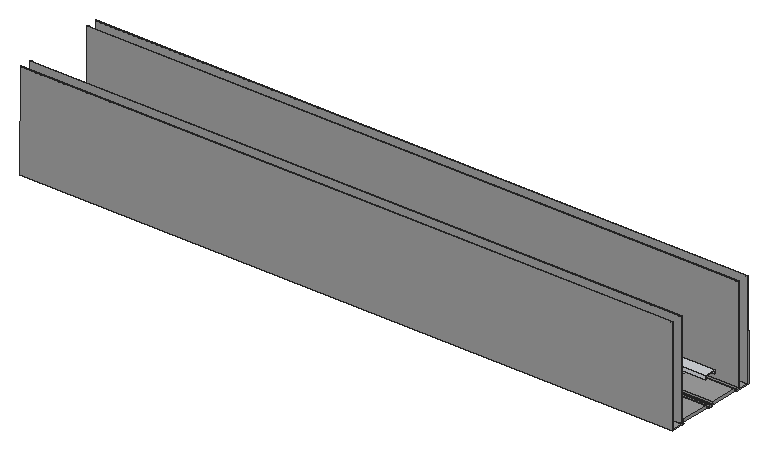
Revit family "Partition-4and1_Panels_High-Skyfold_Zenith_Premium-7-7_to_10-0_FC_2310_to_3050", category Generic Models, host Ceiling, Revit 2026 (continued)
Definition of nested family "2D Fold Panels"
  Definition of nested family "2D Ext Panels"
    Lines and regions (in)
      detail lines, in view "Ref. Level"
        curve 24: line (-8.29775, 5.22448, 0) -> (-8.29775, 4.87447, 0)
        curve 25: line (-9.0932, 5.22448, 0) -> (-8.29775, 5.22448, 0)
        curve 26: line (-8.29775, 4.87447, 0) -> (-8.34196, 4.87447, 0)
        curve 27: line (-8.31188, 6.74948, 0) -> (-8.31188, 6.49947, 0)
        curve 28: line (-8.71812, 6.74948, 0) -> (-8.31188, 6.74948, 0)
        curve 29: line (-7.81389, 6.78348, 0) -> (-8.71812, 6.78348, 0)
        curve 30: line (-7.81389, 7.24947, 0) -> (-7.81389, 6.78348, 0)
        curve 31: line (-8.34188, 7.24947, 0) -> (-8.34188, 8.0926, 0)
        curve 32: line (-8.34188, 8.0926, 0) -> (-7.685, 8.74947, 0)
        curve 33: line (-8.71812, 6.78348, 0) -> (-8.71812, 6.74948, 0)
        curve 34: line (-7.81389, 7.24947, 0) -> (-8.34188, 7.24947, 0)
        curve 35: line (-7.68509, 8.87447, 0) -> (-8.34196, 9.53135, 0)
        curve 36: line (-8.34196, 9.53135, 0) -> (-8.34196, 10.37447, 0)
        curve 37: line (-8.29775, 10.72448, 0) -> (-8.29775, 10.37447, 0)
        curve 38: line (-8.68696, 11.12447, 0) -> (-8.68696, 10.74948, 0)
        curve 39: line (-8.68696, 10.74948, 0) -> (-9.0932, 10.74948, 0)
        curve 40: line (-9.0932, 10.72448, 0) -> (-8.29775, 10.72448, 0)
        curve 41: line (-8.29775, 10.37447, 0) -> (-8.34196, 10.37447, 0)
        curve 42: line (-9.0932, 10.74948, 0) -> (-9.0932, 10.71749, 0)
        curve 43: line (-9.56166, 11.9993, 0) -> (-3.15164, 11.9993, 0)
        curve 44: line (-9.49933, 14.24947, 0) -> (-3.15164, 14.24947, 0)
        curve 45: line (-10.49, 12.28147, 0) -> (-10.49, 12.24947, 0)
        curve 46: line (-9.4595, 12.74945, 0) -> (-9.49933, 12.74945, 0)
        curve 47: line (-9.56166, 12.24947, 0) -> (-9.56166, 11.9993, 0)
        curve 48: line (-9.4595, 12.74945, 0) -> (-9.4595, 12.28147, 0)
        curve 49: line (-9.49933, 12.74945, 0) -> (-9.49933, 14.24947, 0)
        curve 50: line (-10.49, 12.24947, 0) -> (-9.56166, 12.24947, 0)
        curve 51: line (-9.4595, 12.28147, 0) -> (-10.49, 12.28147, 0)
  Definition of nested family "2D Int Panels"
    Parameters (values of type "Panels")
      Assembly Code = ""
    Reference planes (in)
      plane 1 "Center (Front/Back)": y = 0
      plane 2: z = 0
      plane 3 "Center (Left/Right)": x = -12.78401
      plane 4: y = 6.48506
    Lines and regions (in)
      model lines, in view "Ref. Level"
        curve 1: arc (-16.31127, 0.06825, 0) -> (-16.00868, 0.15463, 0) -> (-15.87083, 0.4375, 0) r 0.38616
        curve 2: arc (-15.87083, 0.4375, 0) -> (-15.99302, 0.72219, 0) -> (-16.29015, 0.80987, 0) r 0.36427
        curve 3: line (-26.32421, 0, 0) -> (-17.87083, 0, 0)
        curve 4: line (-17.87083, 0, 0) -> (-17.87083, 0.28314, 0)
        curve 5: line (-17.87083, 0.28314, 0) -> (-16.31127, 0.06825, 0)
        curve 6: line (-16.29015, 0.80987, 0) -> (-17.26708, 0.66529, 0)
        curve 7: line (-17.26708, 0.66529, 0) -> (-17.87083, 0.62287, 0)
        curve 8: line (-17.87083, 0.62287, 0) -> (-17.87083, 0.75, 0)
        curve 9: line (-17.87083, 0.75, 0) -> (-17.55829, 0.75, 0)
        curve 10: line (-17.55829, 0.75, 0) -> (-17.55829, 2.25, 0)
        curve 11: line (-17.55829, 2.25, 0) -> (-26.32421, 2.25, 0)
        curve 12: line (-26.32421, 5.62447, 0) -> (-18.24583, 5.62447, 0)
        curve 13: line (-18.24583, 5.62447, 0) -> (-18.24583, 5.37447, 0)
        curve 14: line (-18.24583, 5.37447, 0) -> (-18.27783, 5.37447, 0)
        curve 15: line (-18.6207, 4.87447, 0) -> (-18.6207, 3.37447, 0)
        curve 16: line (-18.6207, 3.37447, 0) -> (-26.32421, 3.37447, 0)
        curve 17: line (-26.32421, 8.74947, 0) -> (-17.5582, 8.74947, 0)
        curve 18: line (-17.5582, 8.74947, 0) -> (-17.5582, 7.24949, 0)
        curve 19: line (-17.87053, 6.48506, 0) -> (-26.32421, 6.48506, 0)
        curve 20: line (-26.32421, 11.12447, 0) -> (-18.26146, 11.12447, 0)
        curve 21: line (-18.77774, 11.07456, 0) -> (-18.77774, 10.36006, 0)
        curve 22: line (-18.77774, 10.36006, 0) -> (-18.6207, 10.36006, 0)
        curve 23: line (-18.6207, 10.36006, 0) -> (-18.6207, 8.87447, 0)
        curve 24: line (-18.6207, 8.87447, 0) -> (-26.32421, 8.87447, 0)
      detail lines, in view "Ref. Level"
        curve 25: line (-18.27783, 5.55893, 0) -> (-18.27783, 5.37447, 0)
        curve 26: line (-18.77774, 5.57456, 0) -> (-18.29346, 5.57456, 0)
        curve 27: line (-18.77774, 4.87447, 0) -> (-18.77774, 5.57456, 0)
        curve 28: line (-18.77774, 4.87447, 0) -> (-18.6207, 4.87447, 0)
        curve 29: line (-17.87083, 0.25009, 0) -> (-17.87083, 0, 0)
        curve 30: line (-17.90283, 0.25009, 0) -> (-17.87083, 0.25009, 0)
        curve 31: line (-17.90283, 0.05, 0) -> (-17.90283, 0.25009, 0)
        curve 32: line (-18.40283, 0.05, 0) -> (-17.90283, 0.05, 0)
        curve 33: line (-18.40283, 0.75, 0) -> (-18.40283, 0.05, 0)
        curve 34: line (-18.40283, 0.75, 0) -> (-17.55829, 0.75, 0)
        curve 35: line (-17.87053, 6.49947, 0) -> (-17.87053, 6.74949, 0)
        curve 36: line (-17.87053, 6.74949, 0) -> (-17.07053, 6.74949, 0)
        curve 37: line (-17.07053, 6.74949, 0) -> (-17.07053, 6.78149, 0)
        curve 38: line (-17.07053, 6.78149, 0) -> (-18.10103, 6.78149, 0)
        curve 39: line (-18.10103, 6.78149, 0) -> (-18.10103, 7.24949, 0)
        curve 40: line (-18.10103, 7.24949, 0) -> (-17.5582, 7.24949, 0)
        curve 41: line (-18.24583, 10.87447, 0) -> (-18.24583, 11.10885, 0)
        curve 42: line (-18.27783, 10.87447, 0) -> (-18.24583, 10.87447, 0)
        curve 43: line (-18.27783, 11.05893, 0) -> (-18.27783, 10.87447, 0)
        curve 44: line (-18.77774, 11.07456, 0) -> (-18.29346, 11.07456, 0)
        curve 45: line (-20.65244, 12.74947, 0) -> (-17.4332, 12.74947, 0)
        curve 46: line (-20.65244, 12.74947, 0) -> (-17.4332, 12.74947, 0)
        curve 47: line (-20.15244, 12.24947, 0) -> (-20.12044, 12.24947, 0)
        curve 48: line (-20.12044, 11.9993, 0) -> (-20.12044, 12.24947, 0)
        curve 49: line (-20.15244, 12.24947, 0) -> (-20.15244, 12.04938, 0)
        curve 50: line (-20.65244, 12.04938, 0) -> (-20.65244, 12.74947, 0)
        curve 51: line (-17.4332, 13.68697, 0) -> (-17.4332, 12.74947, 0)
        curve 52: line (-18.23273, 13.68697, 0) -> (-17.4332, 13.68697, 0)
        curve 53: line (-18.86038, 14.24947, 0) -> (-18.23273, 13.68697, 0)
        curve 54: line (-26.32421, 11.9993, 0) -> (-20.12044, 11.9993, 0)
        curve 55: line (-26.32421, 14.24947, 0) -> (-18.86038, 14.24947, 0)
Definition of nested family "2D Unfold Panels"
  Parameters (values of type "Unfold panels")
    Wall thickness = 0' - 11 3/4"
    Total Panel Height = (Panel height * 4) + 0' 1 1/2"  # 8' - 11 1/2"
    Panel height = 2' - 2 1/2"
    Horizontal Panel Length = Panel height - 0' 1"  # 2' - 1 1/2"
    Height Distance Between  Panels = Panel height + 0' 0 1/2"  # 2' - 3"
    Assembly Code = ""
  Reference planes (in)
    plane 1: z = 0
    plane 2 "Center (Left/Right)": x = 0.69511
    plane 3: y = 65.84375
    plane 4: y = 38.84375
    plane 5: y = 11.84375
    plane 6: y = -14.65625
    plane 7: y = 92.84375
    plane 8: x = -5.17989
    plane 9: x = 6.57011
    plane 10: y = 93.71875
    plane 11: x = 6.29128
    plane 12: x = -4.90072
    plane 13: x = 31.79128
    plane 14: x = -30.40072
  Lines and regions (in)
    detail lines, in view "Ref. Level"
      curve 1: line (-5.17989, 90.19109, 0) -> (-5.17989, 69.65819, 0)
      curve 2: line (-2.92978, 90.19109, 0) -> (-2.92978, 69.65819, 0)
      curve 3: line (-5.17989, 62.80864, 0) -> (-5.17989, 41.15819, 0)
      curve 4: line (-2.92978, 62.84294, 0) -> (-2.92978, 41.15819, 0)
      curve 5: line (4.31999, 41.15819, 0) -> (4.31999, 62.80864, 0)
      curve 6: line (6.57011, 62.80864, 0) -> (6.57011, 41.15819, 0)
      curve 7: line (-2.92978, 36.07161, 0) -> (-2.92978, 14.04973, 0)
      curve 8: line (-5.17989, 14.04973, 0) -> (-5.17989, 36.07161, 0)
      curve 9: line (-5.17989, 8.80864, 0) -> (-5.17989, -12.34181, 0)
      curve 10: line (-2.92978, 8.80864, 0) -> (-2.92978, -12.34181, 0)
      curve 11: line (6.57011, 90.19109, 0) -> (6.57011, 69.65819, 0)
      curve 12: line (4.31999, 90.19109, 0) -> (4.31999, 69.65819, 0)
      curve 13: line (6.57011, 8.80864, 0) -> (6.57011, -12.34181, 0)
      curve 14: line (4.31999, 8.80864, 0) -> (4.31999, -12.34181, 0)
      curve 15: line (4.31999, 36.07161, 0) -> (4.31999, 14.04973, 0)
      curve 16: line (6.57011, 14.04973, 0) -> (6.57011, 36.07161, 0)
      curve 17: line (9.63119, 93.71875, 0) -> (29.48894, 93.71875, 0)
      curve 18: line (9.63119, 95.96886, 0) -> (29.69369, 95.96886, 0)
      curve 19: line (-8.24097, 93.71875, 0) -> (-27.84249, 93.71875, 0)
      curve 20: line (-8.24097, 95.96886, 0) -> (-28.04724, 95.96886, 0)
  Dimensions and locks (in)
    "Wall thickness": plane 8 to plane 9
    equal spacing: plane 8, plane 2 "Center (Left/Right)", plane 9
    "Panel height": plane 6 to plane 5
    "Height Distance Between  Panels": plane 7 to plane 3
    "Height Distance Between  Panels": plane 4 to plane 3
    "Height Distance Between  Panels": plane 5 to plane 4
    plane 11 to plane 9 = 0' - 0.27882"
    plane 8 to plane 12 = 0' - 0.27918"
    "Horizontal Panel Length": plane 14 to plane 12
    "Horizontal Panel Length": plane 11 to plane 13
    aligned and locked: plane 2 "Center (Left/Right)" to nested 1
    aligned and locked: plane 2 "Center (Left/Right)" to nested 2
    aligned and locked: plane 2 "Center (Left/Right)" to nested 3
    aligned and locked: plane 2 "Center (Left/Right)" to nested 4
    aligned: plane 4 to nested 3
    aligned: plane 5 to nested 2
    aligned: plane 6 to nested 5
    aligned: nested 2 to plane 5
    aligned: nested 3 to plane 4
    aligned and locked: nested 5 to plane 5
    aligned and locked: nested 3 to plane 3
    aligned and locked: curve 10 to nested 5
    aligned and locked: nested 5 to curve 9
    aligned and locked: curve 8 to nested 2
    aligned and locked: curve 7 to nested 2
    aligned and locked: nested 3 to curve 4
    aligned and locked: curve 5 to curve 3
    aligned and locked: curve 1 to plane 8
    aligned and locked: plane 2 "Center (Left/Right)" to nested 5
    aligned and locked: curve 3 to plane 8
    aligned and locked: curve 4 to nested 3
    aligned and locked: curve 6 to plane 9
    aligned and locked: plane 7 to nested 4
    aligned and locked: plane 6 to nested 1
    aligned and locked: nested 2 to plane 4
    aligned and locked: plane 11 to nested 6
    aligned and locked: plane 10 to nested 6
    aligned and locked: nested 7 to plane 10
    aligned and locked: plane 13 to nested 7
    aligned and locked: curve 17 to nested 7
    aligned and locked: curve 18 to nested 7
    aligned and locked: plane 12 to nested 8
    aligned and locked: plane 14 to nested 9
    aligned and locked: plane 10 to nested 8
    aligned and locked: nested 8 to curve 19
    aligned and locked: curve 20 to nested 9
  Automatic sketch dimensions
    curve 13 to plane 9 = 0' - 0"
    curve 16 to plane 9 = 0' - 0"
    curve 6 to plane 9 = 0' - 0"
    curve 11 to plane 9 = 0' - 0"
    curve 19 to plane 8 = 0' - 3.06108"
    curve 20 to curve 19 = 0' - 0"
    plane 14 to curve 19 = 0' - 2.55823"
    curve 20 to curve 19 = 0' - 0.20475"
    plane 12 to curve 2 = 0' - 1.97094"
    curve 5 to plane 11 = 0' - 1.97129"
    curve 12 to plane 11 = 0' - 1.97129"
    curve 15 to plane 11 = 0' - 1.97129"
    curve 14 to plane 11 = 0' - 1.97129"
    plane 9 to curve 17 = 0' - 3.06108"
    curve 18 to curve 17 = 0' - 0"
    curve 17 to plane 13 = 0' - 2.30235"
    curve 18 to plane 13 = 0' - 2.0976"
    plane 3 to curve 6 = 0' - 3.03511"
    curve 5 to curve 6 = 0' - 0"  (x2)
    curve 5 to plane 4 = 0' - 2.31444"
    curve 4 to plane 4 = 0' - 2.31444"
    curve 3 to curve 4 = 0' - 0"
    plane 4 to curve 8 = 0' - 2.77214"
    plane 4 to curve 15 = 0' - 2.77214"
    curve 15 to curve 16 = 0' - 0"
    curve 8 to curve 7 = 0' - 0"
    curve 8 to plane 5 = 0' - 2.20598"
    curve 7 to plane 5 = 0' - 2.20598"
    curve 16 to plane 5 = 0' - 2.20598"
    curve 15 to plane 5 = 0' - 2.20598"
    plane 5 to curve 13 = 0' - 3.03511"
    plane 5 to curve 9 = 0' - 3.03511"
    curve 9 to curve 10 = 0' - 0"  (x2)
    curve 14 to curve 13 = 0' - 0"  (x2)
    curve 13 to plane 6 = 0' - 2.31444"
    curve 10 to plane 6 = 0' - 2.31444"
    curve 1 to plane 3 = 0' - 3.81444"
    curve 1 to curve 2 = 0' - 0"  (x2)
    curve 11 to plane 3 = 0' - 3.81444"
    curve 12 to curve 11 = 0' - 0"  (x2)
    curve 2 to plane 7 = 0' - 2.65266"
    curve 11 to plane 7 = 0' - 2.65266"
  Nested families (in)
    nested 1: "vert fin bas" at (0.87658, -10.38143, 0), type "vert fin bas", in view "Ref. Level"
    nested 2: "vert levres" at (0.81369, 35.6541, 0), type "vert levres", in view "Ref. Level"
      with Wall thickness 0' - 11 3/4"
    nested 3: "vert biseau" at (-2.10712, 62.84294, 0), type "vert biseau", in view "Ref. Level"
    nested 4: "vert fin haut" at (1.9037, 88.56893, 0), type "vert fin haut", in view "Ref. Level"
    nested 5: "vert biseau" at (-2.10712, 8.84294, 0), type "vert biseau", in view "Ref. Level"
    nested 6: "Horizontal panel Start" at (6.47276, 93.71875, 0), type "Horizontal panel Start", in view "Ref. Level"
    nested 7: "Horizontal panel End" at (31.97276, 93.71875, 0), type "Horizontal panel End", in view "Ref. Level"
    nested 8: "Horizontal panel Start" at (-5.08219, 93.71875, 0) x (-1, 0, 0) z (0, 0, 1), type "Horizontal panel Start", in view "Ref. Level"
    nested 9: "Horizontal panel End" at (-30.58219, 93.71875, 0) x (-1, 0, 0) z (0, 0, 1), type "Horizontal panel End", in view "Ref. Level"
  Definition of nested family "vert fin bas"
    Parameters
      Wall thickness = 0' - 11 3/4"
      Assembly Code = ""
    Reference planes (in)
      plane 1 "Center (Front/Back)": y = 0
      plane 2: z = 0
      plane 3 "Center (Left/Right)": x = -0.18147
      plane 4: x = -6.05647
      plane 5: x = 5.69353
    Lines and regions (in)
      model lines, in view "Ref. Level"
        curve 1: arc (-6.04661, -5.84526, 0) -> (-5.61693, -6.27494, 0) -> (-5.18725, -5.84526, 0) r 0.42968
        curve 2: line (-6.05647, 0.00284, 0) -> (-6.05647, -4.27482, 0)
        curve 3: line (-6.05647, -4.27482, 0) -> (-5.80646, -4.27482, 0)
        curve 4: line (-5.80646, -4.27482, 0) -> (-6.04661, -5.84526, 0)
        curve 5: line (-5.18725, -5.84526, 0) -> (-5.4363, -4.24357, 0)
        curve 6: line (-5.4363, -4.24357, 0) -> (-4.82716, -4.24357, 0)
        curve 7: line (-4.82716, -4.24357, 0) -> (-3.80636, -3.22277, 0)
        curve 8: line (-3.80636, -3.22277, 0) -> (-3.80636, 0.00284, 0)
        curve 9: arc (0.31854, -6.01609, 0) -> (0.67056, -5.87118, 0) -> (0.81855, -5.52045, 0) r 0.50003
        curve 10: arc (0.81855, -5.52045, 0) -> (0.80449, -5.43168, 0) -> (0.75606, -5.35598, 0) r 0.21963
        curve 11: arc (-1.11903, -5.35598, 0) -> (-1.16746, -5.43168, 0) -> (-1.18152, -5.52045, 0) r 0.21963
        curve 12: arc (-1.18152, -5.52045, 0) -> (-1.03353, -5.87118, 0) -> (-0.68151, -6.01609, 0) r 0.50003
        curve 13: arc (-0.4315, -4.98096, 0) -> (-0.3431, -4.94435, 0) -> (-0.30649, -4.85595, 0) r 0.12501
        curve 14: arc (-0.05648, -4.85595, 0) -> (-0.01987, -4.94435, 0) -> (0.06853, -4.98096, 0) r 0.12501
        curve 15: arc (-1.18153, -4.85595, 0) -> (-1.26993, -4.89257, 0) -> (-1.30654, -4.98096, 0) r 0.12501
        curve 16: arc (-1.30654, -5.51606, 0) -> (-1.12347, -5.95803, 0) -> (-0.68151, -6.14109, 0) r 0.62503
        curve 17: arc (0.31854, -6.14109, 0) -> (0.7605, -5.95803, 0) -> (0.94357, -5.51606, 0) r 0.62503
        curve 18: arc (0.94357, -4.98096, 0) -> (0.90696, -4.89257, 0) -> (0.81857, -4.85595, 0) r 0.12501
        curve 19: line (-0.68151, -6.01609, 0) -> (0.31854, -6.01609, 0)
        curve 20: line (0.75606, -5.35598, 0) -> (-1.11903, -5.35598, 0)
        curve 21: line (0.06853, -4.98096, 0) -> (0.81857, -4.98096, 0)
        curve 22: line (0.81857, -4.98096, 0) -> (0.81857, -5.23097, 0)
        curve 23: line (0.81857, -5.23097, 0) -> (-1.18153, -5.23097, 0)
        curve 24: line (-1.18153, -5.23097, 0) -> (-1.18153, -4.98096, 0)
        curve 25: line (-1.18153, -4.98096, 0) -> (-0.4315, -4.98096, 0)
        curve 26: line (-0.30649, -4.85595, 0) -> (-0.30649, -3.23087, 0)
        curve 27: line (-0.30649, -3.23087, 0) -> (-0.05648, -3.23087, 0)
        curve 28: line (-0.05648, -3.23087, 0) -> (-0.05648, -4.85595, 0)
        curve 29: line (-0.93152, -4.98096, 0) -> (-0.93152, -4.85595, 0)
        curve 30: line (-0.93152, -4.85595, 0) -> (-1.18153, -4.85595, 0)
        curve 31: line (-1.30654, -4.98096, 0) -> (-1.30654, -5.51606, 0)
        curve 32: line (-0.68151, -6.14109, 0) -> (0.31854, -6.14109, 0)
        curve 33: line (0.94357, -5.51606, 0) -> (0.94357, -4.98096, 0)
        curve 34: line (0.81857, -4.85595, 0) -> (0.56855, -4.85595, 0)
        curve 35: line (0.56855, -4.85595, 0) -> (0.56855, -4.98096, 0)
      detail lines, in view "Ref. Level"
        curve 36: arc (5.68367, -5.84526, 0) -> (5.25399, -6.27494, 0) -> (4.8243, -5.84526, 0) r 0.42968
        curve 37: line (5.69353, 0.00284, 0) -> (5.69353, -4.27482, 0)
        curve 38: line (5.69353, -4.27482, 0) -> (5.44351, -4.27482, 0)
        curve 39: line (5.44351, -4.27482, 0) -> (5.68367, -5.84526, 0)
        curve 40: line (4.8243, -5.84526, 0) -> (5.07336, -4.24357, 0)
        curve 41: line (5.07336, -4.24357, 0) -> (4.46422, -4.24357, 0)
        curve 42: line (4.46422, -4.24357, 0) -> (3.44341, -3.22277, 0)
        curve 43: line (3.44341, -3.22277, 0) -> (3.44341, 0.00284, 0)
    Dimensions and locks (in)
      equal spacing: plane 4, plane 3 "Center (Left/Right)", plane 5
      "Wall thickness": plane 4 to plane 5
    Automatic sketch dimensions
      curve 9 to curve 17 = 0' - 0"  (x2)
      curve 12 to curve 16 = 0' - 0"  (x2)
      curve 2 to plane 4 = 0' - 0"
      curve 37 to plane 5 = 0' - 0"
      plane 4 to curve 4 = 0' - 0.00986"
      curve 2 to curve 4 = 0' - 0 1/4"
      curve 1 to curve 1 = 0' - 0 55/128"
      curve 3 to curve 5 = 0' - 0.37016"
      curve 5 to curve 6 = 0' - 0.60914"
      curve 6 to curve 8 = 0' - 1.0208"
      curve 31 to plane 3 "Center (Left/Right)" = 0' - 1.12507"
      curve 15 to curve 24 = 0' - 0 1/8"
      curve 15 to curve 24 = 0' - 0"  (x2)
      curve 31 to curve 11 = 0' - 0.12503"
      curve 23 to curve 20 = 0' - 0 1/16"
      curve 20 to curve 11 = 0' - 0.15689"
      curve 24 to curve 29 = 0' - 0 1/4"
      curve 12 to plane 3 "Center (Left/Right)" = 0' - 0.50004"
      curve 13 to plane 3 "Center (Left/Right)" = 0' - 0.25002"
      curve 26 to plane 3 "Center (Left/Right)" = 0' - 0 1/8"
      plane 3 "Center (Left/Right)" to curve 28 = 0' - 0 1/8"
      curve 14 to curve 21 = 0' - 0 1/8"
      plane 3 "Center (Left/Right)" to curve 32 = 0' - 0 1/2"
      curve 14 to curve 34 = 0' - 0.50002"
      curve 9 to curve 10 = 0' - 0.28063"
      curve 10 to curve 20 = 0' - 0.15689"
      curve 20 to curve 10 = 0' - 0 1/16"
      curve 35 to curve 21 = 0' - 0 1/4"
      curve 18 to curve 21 = 0' - 0"
      curve 9 to curve 17 = 0' - 0.12503"
      curve 43 to plane 5 = 0' - 2.25011"
      curve 42 to plane 5 = 0' - 1.22931"
      curve 40 to plane 5 = 0' - 0.86922"
      curve 41 to curve 40 = 0' - 0.60914"
      curve 36 to curve 36 = 0' - 0 55/128"
      curve 38 to plane 5 = 0' - 0 1/4"
      plane 1 "Center (Front/Back)" to curve 32 = 0' - 6.14109"
      curve 16 to curve 19 = 0' - 0 1/8"
      curve 36 to curve 33 = 0' - 0.3292"
      curve 5 to curve 16 = 0' - 0.3292"
      curve 11 to curve 11 = 0' - 0.01076"
      curve 10 to curve 23 = 0' - 0 1/8"
      curve 22 to curve 33 = 0' - 0 1/4"
      curve 12 to curve 25 = 0' - 0.5351"
      curve 14 to curve 13 = 0' - 0 1/8"
      curve 1 to curve 3 = 0' - 1.57044"
      curve 36 to curve 39 = 0' - 1.57044"
      curve 38 to curve 42 = 0' - 0 1/32"
      curve 3 to curve 7 = 0' - 0 1/32"
      curve 13 to curve 26 = 0' - 1.62508"
      curve 41 to curve 42 = 0' - 1.0208"
      curve 6 to curve 7 = 0' - 1.0208"
      curve 8 to plane 1 "Center (Front/Back)" = 0' - 0.00284"
      curve 37 to plane 1 "Center (Front/Back)" = 0' - 0.00284"
      curve 2 to plane 1 "Center (Front/Back)" = 0' - 0.00284"
      curve 43 to plane 1 "Center (Front/Back)" = 0' - 0.00284"
  Definition of nested family "vert levres"
    Parameters
      Wall thickness = 1' - 0.49535"
      Assembly Code = ""
    Reference planes (in)
      plane 1 "Center (Front/Back)": y = 0
      plane 2: z = 0
      plane 3 "Center (Left/Right)": x = -0.11858
      plane 4: x = -6.36626
      plane 5: x = 6.12909
    Lines and regions (in)
      model lines, in view "Ref. Level"
        curve 1: line (-6.11624, 3.18965, 0) -> (-6.11624, 2.67162, 0)
        curve 2: line (-6.11624, 2.67162, 0) -> (-6.11624, 3.18965, 0)
        curve 3: line (-6.11624, 3.18965, 0) -> (-6.36626, 3.18965, 0)
        curve 4: line (-6.36626, 3.18965, 0) -> (-6.36626, -0.10051, 0)
        curve 5: line (-6.36626, 6.75409, 0) -> (-6.36626, 3.68967, 0)
        curve 6: line (-6.36626, 3.68967, 0) -> (-4.11614, 3.68967, 0)
        curve 7: line (-4.11614, 3.68967, 0) -> (-4.11614, 6.75409, 0)
        curve 8: line (-4.11614, -0.10051, 0) -> (-4.11614, 2.67162, 0)
        curve 9: line (-4.11614, 2.67162, 0) -> (-6.11624, 2.67162, 0)
      detail lines, in view "Ref. Level"
        curve 10: line (5.87908, 3.18965, 0) -> (5.87908, 2.67162, 0)
        curve 11: line (5.87908, 2.67162, 0) -> (5.87908, 3.18965, 0)
        curve 12: line (5.87908, 3.18965, 0) -> (6.12909, 3.18965, 0)
        curve 13: line (6.12909, 3.18965, 0) -> (6.12909, -0.10051, 0)
        curve 14: line (6.12909, 6.75409, 0) -> (6.12909, 3.68967, 0)
        curve 15: line (6.12909, 3.68967, 0) -> (3.87898, 3.68967, 0)
        curve 16: line (3.87898, 3.68967, 0) -> (3.87898, 6.75409, 0)
        curve 17: line (3.87898, -0.10051, 0) -> (3.87898, 2.67162, 0)
        curve 18: line (3.87898, 2.67162, 0) -> (5.87908, 2.67162, 0)
    Dimensions and locks (in)
      equal spacing: plane 4, plane 3 "Center (Left/Right)", plane 5
      "Wall thickness": plane 4 to plane 5
    Automatic sketch dimensions
      curve 5 to plane 4 = 0' - 0"
      curve 4 to plane 4 = 0' - 0"
      curve 14 to plane 5 = 0' - 0"
      curve 13 to plane 5 = 0' - 0"
      plane 4 to curve 2 = 0' - 0 1/4"
      plane 4 to curve 7 = 0' - 2.25011"
      plane 1 "Center (Front/Back)" to curve 8 = 0' - 0.10051"
      curve 4 to curve 8 = 0' - 2.25011"
      curve 18 to plane 5 = 0' - 2.25011"
      curve 16 to curve 17 = 0' - 0"
      curve 11 to curve 12 = 0' - 0 1/4"
      plane 1 "Center (Front/Back)" to curve 4 = 0' - 0.10051"
      plane 1 "Center (Front/Back)" to curve 13 = 0' - 0.10051"
      plane 1 "Center (Front/Back)" to curve 17 = 0' - 0.10051"
      curve 9 to plane 1 "Center (Front/Back)" = 0' - 2.67162"
      curve 10 to plane 1 "Center (Front/Back)" = 0' - 2.67162"
      curve 1 to curve 4 = 0' - 0.51803"
      curve 10 to curve 10 = 0' - 0.51803"
      curve 8 to curve 7 = 0' - 1.01805"
      curve 12 to curve 14 = 0' - 0.50002"
      curve 14 to curve 14 = 0' - 3.06441"
      curve 5 to curve 5 = 0' - 3.06441"
      curve 5 to curve 7 = 0' - 0"
      curve 16 to curve 14 = 0' - 0"
  Definition of nested family "vert biseau"
    Parameters (values of type "vert biseau")
      Wall thickness = 0' - 11 3/4"
      Assembly Code = ""
    Reference planes (in)
      plane 1 "Center (Front/Back)": y = 0
      plane 2: z = 0
      plane 3 "Center (Left/Right)": x = 2.80223
      plane 4: x = -3.07277
      plane 5: x = 8.67723
    Lines and regions (in)
      model lines, in view "Ref. Level"
        curve 1: line (-0.82266, -0.0343, 0) -> (-0.82266, 2.19877, 0)
        curve 2: line (-0.82266, 2.19877, 0) -> (-1.6247, 3.00081, 0)
        curve 3: line (-1.6247, 3.00081, 0) -> (-3.07277, 3.00081, 0)
        curve 4: line (-3.07277, 3.00081, 0) -> (-3.07277, -0.0343, 0)
      detail lines, in view "Ref. Level"
        curve 5: line (6.42711, -0.0343, 0) -> (6.42711, 2.19877, 0)
        curve 6: line (6.42711, 2.19877, 0) -> (7.22915, 3.00081, 0)
        curve 7: line (7.22915, 3.00081, 0) -> (8.67723, 3.00081, 0)
        curve 8: line (8.67723, 3.00081, 0) -> (8.67723, -0.0343, 0)
        curve 9: line (8.67723, 7.20679, 0) -> (8.67723, 3.50083, 0)
        curve 10: line (7.08354, 3.84583, 0) -> (6.42711, 4.50226, 0)
        curve 11: line (6.42711, 4.50226, 0) -> (6.42711, 7.20679, 0)
        curve 12: line (7.92736, 3.84583, 0) -> (7.08354, 3.84583, 0)
        curve 13: line (8.62738, 4.03275, 0) -> (7.92736, 4.03275, 0)
        curve 14: line (8.62738, 3.53283, 0) -> (8.62738, 4.03275, 0)
        curve 15: line (8.42729, 3.53283, 0) -> (8.62738, 3.53283, 0)
        curve 16: line (8.67723, 3.50083, 0) -> (8.42729, 3.50083, 0)
        curve 17: line (8.42729, 3.50083, 0) -> (8.42729, 3.53283, 0)
        curve 18: line (8.67723, 3.50083, 0) -> (8.67723, 7.20679, 0)
        curve 19: line (7.92736, 3.84583, 0) -> (7.92736, 4.03275, 0)
        curve 20: line (-3.07277, 7.20679, 0) -> (-3.07277, 3.50083, 0)
        curve 21: line (-1.47909, 3.84583, 0) -> (-0.82266, 4.50226, 0)
        curve 22: line (-0.82266, 4.50226, 0) -> (-0.82266, 7.20679, 0)
        curve 23: line (-2.32291, 3.84583, 0) -> (-1.47909, 3.84583, 0)
        curve 24: line (-3.02293, 4.03275, 0) -> (-2.32291, 4.03275, 0)
        curve 25: line (-3.02293, 3.53283, 0) -> (-3.02293, 4.03275, 0)
        curve 26: line (-2.82284, 3.53283, 0) -> (-3.02293, 3.53283, 0)
        curve 27: line (-3.07277, 3.50083, 0) -> (-2.82284, 3.50083, 0)
        curve 28: line (-2.82284, 3.50083, 0) -> (-2.82284, 3.53283, 0)
        curve 29: line (-3.07277, 3.50083, 0) -> (-3.07277, 7.20679, 0)
        curve 30: line (-2.32291, 3.84583, 0) -> (-2.32291, 4.03275, 0)
    Dimensions and locks (in)
      equal spacing: plane 4, plane 3 "Center (Left/Right)", plane 5
      "Wall thickness": plane 4 to plane 5
    Automatic sketch dimensions
      curve 27 to plane 4 = 0' - 0"
      curve 3 to plane 4 = 0' - 0"
      curve 7 to plane 5 = 0' - 0"
      curve 9 to plane 5 = 0' - 0"
      plane 4 to curve 25 = 0' - 0.04985"
      curve 25 to curve 28 = 0' - 0.20009"
      curve 26 to curve 23 = 0' - 0.49993"
      curve 23 to curve 3 = 0' - 0.6982"
      curve 23 to curve 21 = 0' - 0.84382"
      curve 21 to curve 21 = 0' - 0.65643"  (x2)
      curve 2 to curve 1 = 0' - 0.80204"
      curve 11 to plane 5 = 0' - 2.25011"
      curve 6 to plane 5 = 0' - 2.25011"
      curve 10 to curve 12 = 0' - 0.65643"
      curve 10 to curve 6 = 0' - 0.14561"
      curve 19 to plane 5 = 0' - 0.74987"
      curve 16 to curve 9 = 0' - 0.24994"
      curve 14 to plane 5 = 0' - 0.04985"
      curve 6 to plane 1 "Center (Front/Back)" = 0' - 2.19877"
      curve 1 to plane 1 "Center (Front/Back)" = 0' - 2.19877"
      curve 1 to curve 3 = 0' - 0.80204"
      curve 5 to curve 6 = 0' - 0.80204"
      curve 3 to curve 29 = 0' - 0.50003"
      curve 7 to curve 9 = 0' - 0.50003"
      curve 9 to curve 14 = 0' - 0.032"
      curve 27 to curve 26 = 0' - 0.032"
      curve 15 to curve 12 = 0' - 0.313"
      curve 26 to curve 30 = 0' - 0.313"
      curve 23 to curve 30 = 0' - 0.18691"
      curve 14 to curve 13 = 0' - 0.49991"
      curve 10 to curve 11 = 0' - 0.65643"
      curve 13 to curve 9 = 0' - 3.17404"
      plane 1 "Center (Front/Back)" to curve 8 = 0' - 0.0343"
      plane 1 "Center (Front/Back)" to curve 4 = 0' - 0.0343"
      plane 1 "Center (Front/Back)" to curve 5 = 0' - 0.0343"
      plane 1 "Center (Front/Back)" to curve 1 = 0' - 0.0343"
      curve 11 to curve 9 = 0' - 0"
      curve 24 to curve 20 = 0' - 3.17404"
      curve 29 to curve 20 = 0' - 0"
      curve 20 to curve 22 = 0' - 0"
  Definition of nested family "vert fin haut"
    Parameters (values of type "vert fin haut")
      Wall thickness = 0' - 11 3/4"
      Assembly Code = ""
    Reference planes (in)
      plane 1 "Center (Front/Back)": y = 0
      plane 2: z = 0
      plane 3 "Center (Left/Right)": x = -1.20859
      plane 4: x = -7.08359
      plane 5: x = 4.66641
    Lines and regions (in)
      detail lines, in view "Ref. Level"
        curve 1: line (-7.08359, -0.00284, 0) -> (-7.08359, 4.27482, 0)
        curve 2: line (4.66641, -0.00284, 0) -> (4.66641, 4.27482, 0)
        curve 3: line (4.66641, 4.27482, 0) -> (4.4164, 4.27482, 0)
        curve 4: line (2.41647, 0, 0) -> (2.41647, 3.89999, 0)
        curve 5: line (2.41647, 3.89999, 0) -> (3.91654, 3.89999, 0)
        curve 6: line (3.91654, 3.89999, 0) -> (3.91654, 3.74293, 0)
        curve 7: line (3.91654, 3.74293, 0) -> (4.64843, 3.74293, 0)
        curve 8: line (4.64843, 3.74293, 0) -> (4.64843, 4.24286, 0)
        curve 9: line (4.64843, 4.24286, 0) -> (4.44835, 4.24286, 0)
        curve 10: line (4.44835, 4.24286, 0) -> (4.44835, 4.27482, 0)
        curve 11: line (-7.08359, 4.27482, 0) -> (-6.83358, 4.27482, 0)
        curve 12: line (-4.83366, 0, 0) -> (-4.83366, 3.89999, 0)
        curve 13: line (-4.83366, 3.89999, 0) -> (-6.33372, 3.89999, 0)
        curve 14: line (-6.33372, 3.89999, 0) -> (-6.33372, 3.74293, 0)
        curve 15: line (-6.33372, 3.74293, 0) -> (-7.06561, 3.74293, 0)
        curve 16: line (-7.06561, 3.74293, 0) -> (-7.06561, 4.24286, 0)
        curve 17: line (-7.06561, 4.24286, 0) -> (-6.86553, 4.24286, 0)
        curve 18: line (-6.86553, 4.24286, 0) -> (-6.86553, 4.27482, 0)
    Dimensions and locks (in)
      equal spacing: plane 4, plane 3 "Center (Left/Right)", plane 5
      "Wall thickness": plane 4 to plane 5
      aligned and locked: plane 5 to curve 2
    Automatic sketch dimensions
      curve 1 to plane 4 = 0' - 0"
      plane 1 "Center (Front/Back)" to curve 12 = 0' - 0"
      plane 1 "Center (Front/Back)" to curve 4 = 0' - 0"
      plane 4 to curve 15 = 0' - 0.01798"
      curve 16 to curve 18 = 0' - 0.20009"
      curve 17 to curve 14 = 0' - 0.5318"
      curve 13 to curve 12 = 0' - 1.50007"
      plane 5 to curve 5 = 0' - 2.24994"
      plane 5 to curve 6 = 0' - 0.74987"
      plane 5 to curve 9 = 0' - 0.21806"
      plane 5 to curve 8 = 0' - 0.01798"
      curve 16 to plane 1 "Center (Front/Back)" = 0' - 3.74293"
      curve 8 to plane 1 "Center (Front/Back)" = 0' - 3.74293"
      curve 6 to curve 5 = 0' - 0.15707"
      curve 14 to curve 14 = 0' - 0.15707"
      curve 15 to curve 17 = 0' - 0.49994"
      curve 7 to curve 10 = 0' - 0.49994"
      curve 16 to curve 11 = 0' - 0.03196"
      curve 8 to curve 3 = 0' - 0.03196"
      curve 18 to curve 11 = 0' - 0.03195"
      curve 3 to curve 10 = 0' - 0.03195"
      plane 1 "Center (Front/Back)" to curve 1 = 0' - 0.00284"
      plane 1 "Center (Front/Back)" to curve 2 = 0' - 0.00284"
  Definition of nested family "Horizontal panel Start"
    Parameters (values of type "Horizontal panel Start")
      Wall thickness = 0' - 11 3/4"
      Assembly Code = ""
    Reference planes (in)
      plane 1 "Center (Front/Back)": y = 0
      plane 2: z = 0
      plane 3 "Center (Left/Right)": x = -0.18147
    Lines and regions (in)
      detail lines, in view "Ref. Level"
        curve 1: line (4.09619, 0, 0) -> (-0.18147, 0, 0)
        curve 2: line (-1.44177, 2.25011, 0) -> (4.09619, 2.25011, 0)
        curve 3: line (-1.44177, 2.25011, 0) -> (-2.063, 1.68767, 0)
        curve 4: line (-2.063, 1.68767, 0) -> (-2.86897, 1.68767, 0)
        curve 5: line (-2.86897, 1.68767, 0) -> (-2.86897, 0.75017, 0)
        curve 6: line (0.35053, 0.75017, 0) -> (0.35053, 0.05009, 0)
        curve 7: line (0.35053, 0.05009, 0) -> (-0.14947, 0.05009, 0)
        curve 8: line (-0.14947, 0.05009, 0) -> (-0.14947, 0.25017, 0)
        curve 9: line (-0.14947, 0.25017, 0) -> (-0.18147, 0.25017, 0)
        curve 10: line (-0.18147, 0.25017, 0) -> (-0.18147, 0, 0)
        curve 11: line (-2.86897, 0.75017, 0) -> (0.35053, 0.75017, 0)
  Definition of nested family "Horizontal panel End"
    Parameters (values of type "Horizontal panel End")
      Wall thickness = 0' - 11 3/4"
      Assembly Code = ""
    Reference planes (in)
      plane 1 "Center (Front/Back)": y = 0
      plane 2: z = 0
      plane 3 "Center (Left/Right)": x = -0.18147
    Lines and regions (in)
      model lines, in view "Ref. Level"
        curve 1: line (-4.45914, 0, 0) -> (-0.18147, 0, 0)
        curve 2: line (-0.18147, 0, 0) -> (-0.18147, 0.25001, 0)
        curve 3: line (-0.24397, 0.75017, 0) -> (-0.24397, 2.25011, 0)
        curve 4: line (-0.24397, 2.25011, 0) -> (-4.45914, 2.25011, 0)
      detail lines, in view "Ref. Level"
        curve 5: line (0.81853, 0.28217, 0) -> (-0.33697, 0.28217, 0)
        curve 6: line (0.81853, 0.25017, 0) -> (0.81853, 0.28217, 0)
        curve 7: line (-0.18147, 0.25017, 0) -> (0.81853, 0.25017, 0)
        curve 8: line (-0.33697, 0.28217, 0) -> (-0.33697, 0.75009, 0)
        curve 9: line (-0.33697, 0.75009, 0) -> (-0.24397, 0.75009, 0)
Definition of nested family "Suspended Ceiling Component"
  Parameters
    Assembly Code = ""
  Reference planes (in)
    plane 1 "Centre (avant/arrière)": y = 0
    plane 2: z = 0
    plane 3 "Centre (gauche/droite)": x = 0
Definition of nested family "construction as per ASTM E557 Component"
  Parameters
    Assembly Code = ""
  Reference planes (in)
    plane 1 "Centre (avant/arrière)": y = 0
    plane 2: z = 0
    plane 3 "Centre (gauche/droite)": x = 0
Definition of nested family "Disclaimer Component"
  Parameters (values of type "Disclaimer Component")
    Assembly Code = ""
  Reference planes (in)
    plane 1 "Centre (avant/arrière)": y = 0
    plane 2: z = 0
    plane 3 "Centre (gauche/droite)": x = 0
Definition of nested family "Acoustic barrier note"
  Parameters (values of type "Acoustic barrier note")
    Assembly Code = ""
  Reference planes (in)
    plane 1 "Centre (avant/arrière)": y = 0
    plane 2: z = 0
    plane 3 "Centre (gauche/droite)": x = 0
